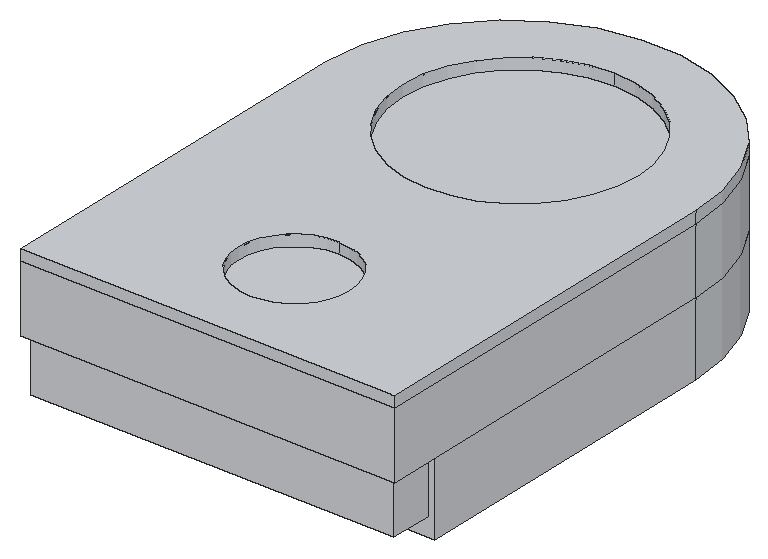
Revit family "Gira_026865", category Electrical Fixtures, host Face, Revit 2017
Family settings
  Host = Face
  Maintain Annotation Orientation = Yes
  Round Connector Dimension = Use Diameter
  Part Type = Normal
  Cut with Voids When Loaded = No
  Shared = No
  Room Calculation Point = No
Parameters (values of type "Blindabd. Gira TX_44 (WG UP) F Alu")
  Zusammenstellung = "Zentralplatte"
  Werkstoffgüte = "sonstige"
  Werkstoff = "sonstige"
  Verwendung = "Blindabdeckung"
  URL = "http://katalog.gira.de/de_DE/datenblatt.html?artikelnr=026865"
  Transparent = "No"
  Tragring = "No"
  Region = "DE"
  Oberfläche = "sonstige"
  Name = "Blindabd. Gira TX_44 (WG UP) F Alu"
  Montageart = "unter Putz"
  Mit Zugentlastung = "No"
  Mit Staubschutz = "No"
  Mit Klappdeckel = "No"
  Mit Aufdruck = "No"
  Manufacturer URL = "https://www.gira.de/"
  Lüsterklemme = "No"
  Keynote = "Türstation_Schalten und Tasten"
  HeinzeBIM = "https://bimportal.heinze.de/bim/blindabd-gira-tx-44-wg-up-f-alu/7acb78d9c2d297d779cb310224a1e28b86701de4"
  Halogenfrei = "No"
  HAN = "026865"
  Geeignet für Schutzart (IP) = "IP44"
  GTIN = "4010337268659"
  Farbe = "aluminium"
  Default Elevation = 1219.2 mm
  Data sheet (1) = "https://katalog.gira.de/de_DE/download.html?artikelnr=026865"
  Category = "Einsatz/Abdeckung für Kommunikationstechnik"
  Beschriftungsfeld = "ohne Beschriftungsfeld"
  Befestigungsart = "Befestigung mit Schraube"
  Available = "Yes"
  Ausführung der Oberfläche = "nicht zutreffend"
Reference planes
  plane 1 "Center (Front/Back)": y = 0
  plane 2: z = 0
  plane 3 "Center (Left/Right)": x = 0
Forms (mm)
  Extrusion 1, solid, detail levels fine
    sketch origin (0, 0, 0) x (1, 0, 0) y (0, 1, 0)
      loop
        line (33.49, -50.461) -> (33.49, 16.971)
        arc (33.49, 16.971) -> (0.419, 50.458) -> (-33.479, 17.809) r 33.49
        line (-33.479, 17.809) -> (-33.479, -50.461) -> (33.49, -50.461)
      loop
        circle (0, 19.471) r 21
      loop
        circle (0, -31.029) r 10
    from 25 to 27
  Extrusion 2, solid, detail levels fine
    sketch origin (0, 0, 0) x (1, 0, 0) y (0, 1, 0)
      loop
        arc (33.49, 16.971) -> (0.419, 50.458) -> (-33.479, 17.809) r 33.49
        line (-33.479, 17.809) -> (-33.479, -50.461) -> (33.49, -50.461) -> (33.49, 16.971)
    from 13 to 25
  Extrusion 3, solid, detail levels fine
    sketch origin (0, 0, 0) x (1, 0, 0) y (0, 1, 0)
      loop
        arc (33.49, 16.971) -> (0.419, 50.458) -> (-33.479, 17.809) r 33.49
        line (-33.479, 17.809) -> (-33.479, -41.508) -> (33.49, -41.508) -> (33.49, 16.971)
    from 0 to 13
  Extrusion 4, solid, detail levels fine
    sketch origin (0, 0, 0) x (1, 0, 0) y (0, 1, 0)
      loop
        line (32.5, -49.379) -> (32.5, -41.879) -> (-32.5, -41.879) -> (-32.5, -49.379) -> (32.5, -49.379)
    from 3.5 to 13
  Extrusion 5, solid, detail levels medium
    sketch origin (0, 0, 0) x (1, 0, 0) y (0, 1, 0)
      loop
        arc (33.49, 16.971) -> (0.419, 50.458) -> (-33.479, 17.809) r 33.49
        line (-33.479, 17.809) -> (-33.479, -50.461) -> (33.49, -50.461) -> (33.49, 16.971)
    from 0 to 27
  Extrusion 6, solid, detail levels coarse
    sketch origin (0, 0, 0) x (1, 0, 0) y (0, 1, 0)
      loop
        line (-33.479, 50.461) -> (-33.479, -50.461) -> (33.49, -50.461) -> (33.49, 50.461) -> (-33.479, 50.461)
    from 0 to 27
Dimensions and locks
  aligned and locked: plane 2 to host face
  aligned and locked: level to host face
  aligned and locked: plane 3 "Center (Left/Right)" to nested 1
  aligned and locked: plane 1 "Center (Front/Back)" to nested 1
Nested families
  nested 1: "Taster mit Türöffner - Beschriftung" at (0, 0, 0), type "Taster mit Türöffner - Beschriftung"
Connectors
  electrical at (0.005, 0, 0)
    settings: on Extrusion 6, index 1, voltage 220 V, apparent load 0 VA, apparent load phase1 0 VA, apparent load phase2 0 VA, apparent load phase3 0 VA, power factor 1, load classification "Other", number of poles 1, system type 30, power factor state 1, is connector primary yes, connector utility no, sub classification motor no, connector description ""
Definition of nested family "Taster mit Türöffner - Beschriftung"
  Reference planes
    plane 1: y = 0
    plane 2: x = 0
  Lines and regions (mm)
    detail lines
      curve 1: line (3, 0, 0) -> (-3, 0, 0)
      curve 2: line (3, 3, 0) -> (3, 0, 0)
      curve 3: line (-3, 3, 0) -> (3, 3, 0)
      curve 4: line (-3, 0, 0) -> (-3, 3, 0)
      curve 5: line (3, 3, 0) -> (-3, 0, 0)
      curve 7: circle (1.899, 1.25, 0) r 0.8 normal (0, 0, 1)
      curve 8: circle (1.899, 1.25, 0) r 0.4 normal (0, 0, 1)
      curve 10: line (-0.152, 2.6, 0) -> (-1.152, 2.6, 0)
      curve 11: line (-1.852, 2.6, 0) -> (-2.552, 2.6, 0)
      curve 12: line (-1.852, 2.6, 0) -> (-1.852, 2.3, 0)
      curve 13: line (-1.152, 2.6, 0) -> (-1.903, 2.326, 0)
    reference lines
      curve 6: line (3, 1.5, 0) -> (-3, 1.5, 0)
      curve 9: line (3.348, 2.6, 0) -> (-3.652, 2.6, 0)
  Dimensions and locks
    curve 2 to curve 4 = 6 mm
    curve 3 to curve 1 = 3 mm
    curve 9 to curve 3 = 0.4 mm
